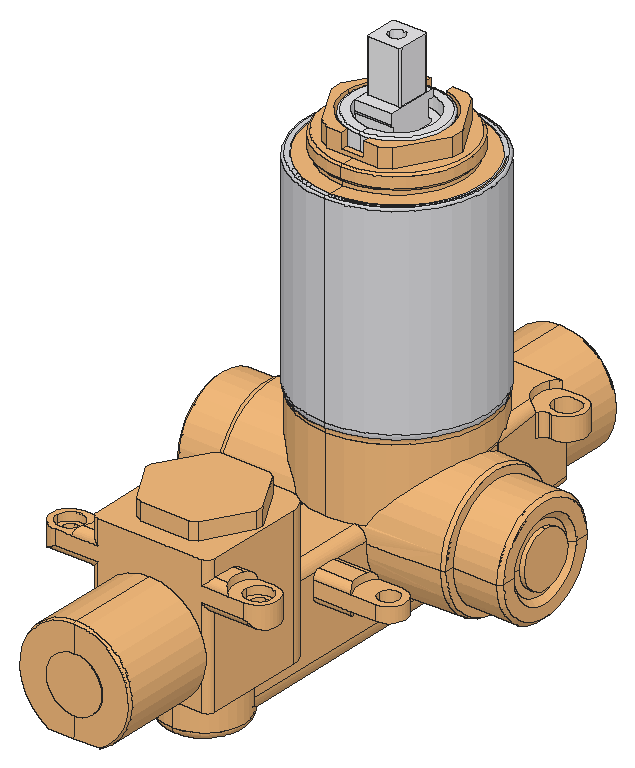
Revit family "Shower-Valve-KOHLER-NATEO-K-880A", category Plumbing Fixtures, host Face, Revit 2017 (continued)
Definition of nested family "K-880A"
  Lines and regions (in)
    symbolic lines, detail levels medium+fine
      curve 133: arc (0.83632, -0.5323, 0) -> (0.86075, -0.46704, 0) -> (0.88139, -0.40048, 0) r 1.21119
      curve 134: line (1.00394, -0.4523, 0) -> (1.00394, -0.68852, 0)
      curve 135: line (-0.94489, -0.75449, 0) -> (-0.88019, -0.75449, 0)
      curve 136: arc (-0.82677, -0.76726, 0) -> (-0.89496, -0.74559, 0) -> (-0.93813, -0.68852, 0) r 0.11811
      curve 137: line (-0.82677, -0.76726, 0) -> (0.82677, -0.76726, 0)
      curve 138: arc (0.93813, -0.68852, 0) -> (0.89496, -0.74559, 0) -> (0.82677, -0.76726, 0) r 0.11811
      curve 139: arc (-0.82677, -0.76726, 0) -> (-0.84456, -0.72319, 0) -> (-0.87707, -0.68852, 0) r 0.12927
      curve 140: arc (0.82677, -0.76726, 0) -> (0.84456, -0.72319, 0) -> (0.87707, -0.68852, 0) r 0.12927
      curve 141: line (0.94489, -0.75449, 0) -> (0.88019, -0.75449, 0)
      curve 142: line (1.69288, 0.59056, 0) -> (1.69288, -0.59056, 0)
      curve 143: line (0, 0.59055, 6.461) -> (0, -0.59055, 6.461)
      curve 144: line (0, -0.63166, 5.55118) -> (0, 0.63166, 5.55118)
      curve 145: line (0, -0.4523, 5.0335) -> (0, -0.4523, 5.49213)
      curve 146: line (0, -0.68852, 5.0335) -> (0, -0.68852, 5.49213)
      curve 147: line (0, -0.68852, 5.0335) -> (0, -0.4523, 5.0335)
      curve 148: spline (0, -0.75872, 5.04698) -> (0, -0.75553, 5.04494) -> (0, -0.75172, 5.04305) -> (0, -0.74732, 5.04133) -> (0, -0.74237, 5.0398) -> (0, -0.7369, 5.03845) -> (0, -0.73097, 5.03731) -> (0, -0.72462, 5.03639) -> (0, -0.71791, 5.03569) -> (0, -0.71088, 5.03521) -> (0, -0.70359, 5.03497) -> (0, -0.69612, 5.03496) -> (0, -0.68851, 5.03518)
      curve 149: line (0, -0.76726, 5.49213) -> (0, -0.76726, 4.66152)
      curve 150: line (0, -0.63166, 5.49213) -> (0, 0.28331, 5.49213)
      curve 151: line (0, 0.21699, 5.49213) -> (0, 0.21699, 4.76634)
      curve 152: line (0, 0.27021, 5.49213) -> (0, 0.27021, 4.74584)
      curve 153: line (0, -0.4523, 5.09843) -> (0, -0.68852, 5.09843)
      curve 154: line (0, -3.75939, 4.4941) -> (0, -3.75939, 4.11417)
      curve 155: line (0, -4.31057, 4.44852) -> (0, -3.75939, 4.44852)
      curve 156: line (0, -4.31057, 4.13386) -> (0, -3.75939, 4.13386)
      curve 157: line (0, -3.59403, 4.45669) -> (0, -3.59403, 3.99606)
      curve 158: line (0, -3.39718, 4.23043) -> (0, -3.59403, 4.23043)
      curve 159: line (0, -3.39718, 4.35225) -> (0, -3.59403, 4.35225)
      curve 160: line (0, -3.39718, 4.82098) -> (0, -3.59403, 4.82098)
      curve 161: line (0, -3.39718, 3.7617) -> (0, -3.59403, 3.7617)
      curve 162: line (0, -3.37521, 3.54327) -> (0, -3.37521, 5.03941)
      curve 163: line (0, -3.25943, 3.54327) -> (0, -3.25943, 5.03941)
      curve 164: line (0, -3.22986, 3.57284) -> (0, -3.22986, 5.00984)
      curve 165: line (0, -3.18852, 5.23331) -> (0, -3.18852, 3.34937)
      curve 166: line (0, -3.39718, 5.01744) -> (0, -3.39718, 3.56524)
      curve 167: line (0, -0.98258, 3.33666) -> (0, -0.98258, 5.24601)
      curve 168: line (0, -3.16526, 5.25591) -> (0, -3.16526, 3.32677)
      curve 169: line (0, -1.0415, 5.25591) -> (0, -1.0415, 3.32677)
      curve 170: line (0, -0.9412, 5.23591) -> (0, -0.9412, 3.34677)
      curve 171: arc (0, 0, 4.45374) -> (0, -0.35925, 4.09449) -> (0, 0, 3.73524) r 0.35925
      curve 172: arc (0, 0, 4.5128) -> (0, -0.41831, 4.09449) -> (0, 0, 3.67618) r 0.41831
      curve 173: arc (0, 0, 4.64564) -> (0, -0.55116, 4.09449) -> (0, 0, 3.54333) r 0.55116
      curve 174: arc (0, 0, 3.50393) -> (0, -0.59056, 4.09449) -> (0, 0, 4.68505) r 0.59056
      curve 175: arc (0, 0, 4.76894) -> (0, -0.67445, 4.09449) -> (0, 0, 3.42004) r 0.67445
      curve 176: line (0, -0.13734, 3.34645) -> (0, -0.13734, 3.43417)
      curve 177: arc (0, -0.13734, 3.39205) -> (0, -0.69787, 4.15934) -> (0, 0, 4.80425) r 0.71415
      curve 178: arc (0, 0, 4.45374) -> (0, 0.35925, 4.09449) -> (0, 0, 3.73524) r 0.35925
      curve 179: arc (0, 0, 4.5128) -> (0, 0.41831, 4.09449) -> (0, 0, 3.67618) r 0.41831
      curve 180: arc (0, 0, 4.64564) -> (0, 0.55116, 4.09449) -> (0, 0, 3.54333) r 0.55116
      curve 181: arc (0, 0, 3.50393) -> (0, 0.59056, 4.09449) -> (0, 0, 4.68505) r 0.59056
      curve 182: arc (0, 0, 4.76894) -> (0, 0.67445, 4.09449) -> (0, 0, 3.42004) r 0.67445
      curve 183: arc (0, -0.0199, 3.37609) -> (0, 0.70115, 4.08026) -> (0, 0, 4.80425) r 0.71415
      curve 184: line (0, -0.0199, 3.42033) -> (0, -0.0199, 3.00323)
      curve 185: line (0, -0.13734, 2.36221) -> (0, 0.51227, 2.36221)
      curve 186: line (0, 0.51227, 2.36221) -> (0, 0.51227, 1.00394)
      curve 187: line (0, 0.51227, 1.00394) -> (0, -0.94443, 1.00394)
      curve 188: line (0, -0.76828, 1.31737) -> (0, -0.76828, 1.0825)
      curve 189: line (0, -0.68852, 1.00394) -> (0, -0.68852, 1.39764)
      curve 190: arc (0, -0.76828, 1.31737) -> (0, -0.74495, 1.37395) -> (0, -0.68852, 1.39764) r 0.08027
      curve 191: arc (0, -0.68972, 1.00394) -> (0, -0.74527, 1.02695) -> (0, -0.76828, 1.0825) r 0.07856
      curve 192: line (0, -0.53192, 1.39764) -> (0, -0.68852, 1.39764)
      curve 193: spline (0, -0.53206, 1.39664) -> (0, -0.5231, 1.39716) -> (0, -0.51439, 1.39635) -> (0, -0.50599, 1.39423) -> (0, -0.49794, 1.39081) -> (0, -0.49031, 1.3861) -> (0, -0.48314, 1.38015) -> (0, -0.47649, 1.37298) -> (0, -0.47039, 1.36466) -> (0, -0.46488, 1.35522) -> (0, -0.46001, 1.34474) -> (0, -0.45581, 1.33328) -> (0, -0.4523, 1.32093)
      curve 194: line (0, -0.4523, 1.08268) -> (0, -0.4523, 1.32093)
      curve 195: arc (0, -0.4523, 1.08268) -> (0, -0.47536, 1.027) -> (0, -0.53104, 1.00394) r 0.07874
      curve 196: line (0, -0.94443, 2.36221) -> (0, -0.94443, 1.00394)
      curve 197: line (0, -0.94443, 2.22346) -> (0, -1.12159, 2.22346)
      curve 198: line (0, -0.94443, 1.24111) -> (0, -1.12159, 1.24111)
      curve 199: line (0, -0.94443, 1.69393) -> (0, -1.12159, 1.69393)
      curve 200: line (0, -0.94443, 1.77063) -> (0, -1.12159, 1.77063)
      curve 201: line (0, -0.03891, 2.95143) -> (0, -0.03891, 2.75591)
      curve 202: arc (0, 0.03983, 2.67717) -> (0, -0.01585, 2.70023) -> (0, -0.03891, 2.75591) r 0.07875
      curve 203: line (0, 0.03983, 2.67717) -> (0, 0.19922, 2.67717)
      curve 204: arc (0, 0.27605, 2.75399) -> (0, 0.25355, 2.69967) -> (0, 0.19922, 2.67717) r 0.07682
      curve 205: line (0, 0.27605, 2.75399) -> (0, 0.27605, 2.95419)
      curve 206: arc (0, 0.19874, 3.0315) -> (0, 0.2534, 3.00885) -> (0, 0.27605, 2.95419) r 0.07731
      curve 207: line (0, 0.19874, 3.0315) -> (0, 0.04115, 3.0315)
      curve 208: arc (0, -0.03891, 2.95143) -> (0, -0.01546, 3.00805) -> (0, 0.04115, 3.0315) r 0.08006
      curve 209: line (0, 0.03983, 2.67717) -> (0, 0.03983, 3.0315)
      curve 210: line (0, 0.20006, 3.0315) -> (0, 0.20006, 2.67717)
      curve 211: line (0, -0.0199, 2.7046) -> (0, -0.0199, 2.36221)
      curve 212: line (0, 1.02362, 2.14549) -> (0, 1.02362, 2.00067)
      curve 213: line (0, -0.59009, 0.03939) -> (0, 0.51219, 0.03939)
      curve 214: line (0, -0.71451, 5.03543) -> (0, -0.71451, 4.54025)
      curve 215: line (0, -0.75872, 5.04698) -> (0, -0.76726, 5.07682)
      curve 216: line (0, 0.74196, 5.5349) -> (0, 0.74196, 2.14549)
      curve 217: line (0, 0.74196, 5.18489) -> (0, 1.02362, 5.18489)
      curve 218: line (0, 1.02362, 5.18489) -> (0, 0.27021, 5.18489)
      curve 219: line (-0.59055, 0, 6.461) -> (0.59055, 0, 6.461)
      curve 220: arc (0.08162, 0, 4.29183) -> (-0.00106, 0, 4.3745) -> (-0.08373, 0, 4.29183) r 0.08268
      curve 221: arc (-0.08373, 0, 4.29183) -> (-0.00106, 0, 4.20915) -> (0.08162, 0, 4.29183) r 0.08268
      curve 222: line (0.17717, 0, 4.13386) -> (0.17717, 0, 4.44882)
      curve 223: line (-0.15748, 0, 4.11417) -> (0.15748, 0, 4.11417)
      curve 224: line (0.15748, 0, 4.4685) -> (-0.15718, 0, 4.4685)
      curve 225: line (-0.17717, 0, 4.44852) -> (-0.17717, 0, 4.13386)
      curve 226: arc (-0.17717, 0, 4.13386) -> (-0.1714, 0, 4.11994) -> (-0.15748, 0, 4.11417) r 0.01969
      curve 227: arc (0.15748, 0, 4.11417) -> (0.1714, 0, 4.11994) -> (0.17717, 0, 4.13386) r 0.01969
      curve 228: arc (0.17717, 0, 4.44882) -> (0.1714, 0, 4.46274) -> (0.15748, 0, 4.4685) r 0.01969
      curve 229: arc (-0.15718, 0, 4.4685) -> (-0.17131, 0, 4.46265) -> (-0.17717, 0, 4.44852) r 0.01999
      curve 230: line (0.19685, 0, 4.51969) -> (-0.19685, 0, 4.51969)
      curve 231: line (-0.19685, 0, 4.51969) -> (-0.19685, 0, 3.97244)
      curve 232: line (-0.19685, 0, 3.97244) -> (0.19685, 0, 3.97244)
      curve 233: line (0.19685, 0, 3.97244) -> (0.19685, 0, 4.51969)
      curve 234: arc (0, 0, 3.90322) -> (0.38812, 0, 4.29134) -> (0, 0, 4.67946) r 0.38812
      curve 235: arc (0, 0, 4.67946) -> (-0.38812, 0, 4.29134) -> (0, 0, 3.90322) r 0.38812
      curve 236: arc (0, 0, 3.79007) -> (0.50127, 0, 4.29134) -> (0, 0, 4.79261) r 0.50127
      curve 237: arc (0, 0, 4.79261) -> (-0.50127, 0, 4.29134) -> (0, 0, 3.79007) r 0.50127
      curve 238: arc (0.52877, 0, 4.29134) -> (0, 0, 3.76257) -> (-0.52877, 0, 4.29134) r 0.52877
      curve 239: arc (-0.52877, 0, 4.29134) -> (0, 0, 4.82011) -> (0.52877, 0, 4.29134) r 0.52877
      curve 240: line (0.11811, 0, 3.70079) -> (0.11811, 0, 3.77593)
      curve 241: line (-0.11811, 0, 3.77593) -> (-0.11811, 0, 3.70079)
      curve 242: line (-0.27062, 0, 3.70079) -> (0.27062, 0, 3.70079)
      curve 243: arc (-0.37612, 0, 3.7617) -> (-0.32479, 0, 3.72878) -> (-0.27062, 0, 3.70079) r 0.65421
      curve 244: line (-0.64674, 0, 4.23043) -> (-0.37612, 0, 3.7617)
      curve 245: line (-0.37612, 0, 4.82098) -> (-0.64674, 0, 4.35225)
      curve 246: arc (-0.64674, 0, 4.35225) -> (-0.64964, 0, 4.29134) -> (-0.64674, 0, 4.23043) r 0.64125
      curve 247: arc (0.27062, 0, 3.70079) -> (0.32479, 0, 3.72878) -> (0.37612, 0, 3.7617) r 0.65421
      curve 248: line (0.37612, 0, 3.7617) -> (0.64674, 0, 4.23043)
      curve 249: arc (0.64674, 0, 4.23043) -> (0.64964, 0, 4.29134) -> (0.64674, 0, 4.35225) r 0.64125
      curve 250: line (0.64674, 0, 4.35225) -> (0.37612, 0, 4.82098)
      curve 251: arc (0.37612, 0, 4.82098) -> (0.3248, 0, 4.85392) -> (0.27062, 0, 4.88189) r 0.64924
      curve 252: line (0.27062, 0, 4.88189) -> (-0.27062, 0, 4.88189)
      curve 253: arc (-0.27062, 0, 4.88189) -> (-0.3248, 0, 4.85392) -> (-0.37612, 0, 4.82098) r 0.64924
      curve 254: line (-0.11811, 0, 4.88189) -> (-0.11811, 0, 4.80675)
      curve 255: line (0.11811, 0, 4.80675) -> (0.11811, 0, 4.88189)
      curve 256: arc (0, 0, 5.01744) -> (0.7261, 0, 4.29134) -> (0, 0, 3.56524) r 0.7261
      curve 257: arc (0, 0, 3.56524) -> (-0.7261, 0, 4.29134) -> (0, 0, 5.01744) r 0.7261
      curve 258: arc (0, 0, 3.54327) -> (0.74807, 0, 4.29134) -> (0, 0, 5.03941) r 0.74807
      curve 259: arc (0, 0, 5.03941) -> (-0.74807, 0, 4.29134) -> (0, 0, 3.54327) r 0.74807
      curve 260: arc (0, 0, 3.34645) -> (0.94489, 0, 4.29134) -> (0, 0, 5.23623) r 0.94489
      curve 261: arc (0, 0, 5.23623) -> (-0.94489, 0, 4.29134) -> (0, 0, 3.34645) r 0.94489
      curve 262: line (-0.59009, 0, 0.03936) -> (0.59009, 0, 0.03936)
      curve 263: line (-0.90029, 0, 4.79605) -> (-0.92029, 0, 4.57856)
      curve 264: line (-0.3937, 0, 3.3805) -> (-0.31591, 0, 3.3805)
      curve 265: line (0.3937, 0, 3.3805) -> (0.31302, 0, 3.3795)
    symbolic lines, detail levels coarse
      curve 266: line (-0.8129, 0.43169, 0) -> (0.7619, 0.43169, 0)
      curve 267: arc (0.7619, 0.43169, 0) -> (-0.0255, 0.79269, 0) -> (-0.8129, 0.43169, 0) r 1.03922
      curve 268: line (0, 0.43169, 0) -> (0, 0, 0)
      curve 269: line (0, 0, 0) -> (-0.42321, 0.21564, 0)
      curve 270: line (-0.42321, 0.21564, 0) -> (-0.42321, -0.21564, 0)
      curve 271: line (0, 0, 0) -> (-0.42321, -0.21564, 0)
      curve 272: line (0, 0, 0) -> (0.42321, 0.21564, 0)
      curve 273: line (0.42321, 0.21564, 0) -> (0.42321, -0.21564, 0)
      curve 274: line (0, 0, 0) -> (0.42321, -0.21564, 0)
  Dimensions and locks (in)
    plane 6 to plane 5 = 3.46457"
    plane 1 "Center (Front/Back)" to plane 7 = 1.02362"
    cut or joined group 1 (Extrusion 30, Extrusion 35, Extrusion 44, Extrusion 45, Extrusion 46, Extrusion 47, Revolve 48, Revolve 49, Extrusion 50) to plane 11 = 3.18898"
    aligned and locked: plane 2 to level
    aligned and locked: plane 13 to cut or joined group 1
Types (7): name | Type | Model | Finish
  (no name) | 1 | "K-880A-CP" | Kohler-Metal-CP-Polished_Chrome
  CP- Polished Chrome | 1 | "K-880A-CP" | Kohler-Metal-CP-Polished_Chrome
  2BZ- Oil-Rubbed Bronze | 2 | "K-880A-2BZ" | Kohler-Metal-2BZ-Oil_Rubbed_Bronze
  BL- Matte Black | 3 | "K-880A-BL" | Kohler-Metal-BL-Matte_Black
  BV-Brushed Bronze | 4 | "K-880A-BV" | Kohler-Metal-BV-Brushed_Bronze
  RGD- Polished Rose Gold | 5 | "K-880A-RGD" | Kohler-Metal-RGD-Polished_Rose_Gold
  TT- Vibrant Titanium | 6 | "K-880A-TT" | Kohler-Metal-TT-Vibrant_Titanium
